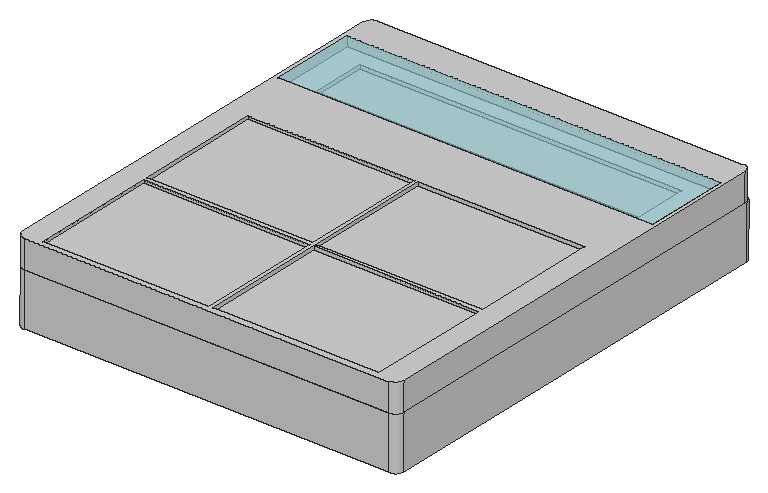
Revit family "Building-IEC309Boards-GEWISS-68QDIN-DISTRIBUTION-BOARD-20MOD_4SOCKET-OUTLETS_IB_ORIZ", category Apparecchi elettrici, host Superficie, Revit 2019
Family settings
  Host = Superficie
  Mantenere orientamento annotazione = Sì
  Quota connettore circolare = Usa diametro
  Tipo di parte = Normale
  Taglio con vuoti quando caricato = No
  Condiviso = No
  Punto di calcolo locali = Sì
Parameters (values of type "GW68014N - Q-DIN 20M 4 FLANGES S.O.BL.HOR.CBF IP65")
  visibilita posizionamento 2d [instance] = yes
  simbolo 2d [instance] = yes
  oggetto in pianta [instance] = not(visibilita posizionamento 2d)  # no
  distanza_simbolo [instance] = 0.1 mm
  bordo acceso [instance] = yes
  Working temperature = "-25 ÷ +40 °C"
  Visibilità sportello [instance] = yes
  Version type = "Empty"
  Version file RFA = "21.5"
  VETRO = Vetro
  URL = "https://www.gewiss.com/ww/en"
  Thermo-pressure with ball = "70 °C"
  Technical sheet = "https://www.gewiss.com/ww/en/search?q=GW68014N"
  Spostamento_effettivo_S [instance] = 4000 mm - Spostamento_S  # 3000 mm
  Spostamento_S = 1000 mm
  Simbolo_quadro [instance] = not(simbolo 2d)  # no
  Shock resistance = "IK08"
  STRUTTURA ALTA = Poche
  STRUTTURA = RAL - 7035
  SEO = "Board"
  Realized by GEWISS S.p.A. = ""
  Default Elevation = 1219.2 mm
  Produttore = "GEWISS S.p.A."
  PRESA = rosso
  POMELLO = bianco
  Operating temperature: = "-25 +40 °C"
  No. of provided blank lids = "2 IB 16/32A"
  No. of modules EN 50022 = "20"
  No. of blank lids supplied = "2 IB 16/32A"
  No. IB socket-outlets houseable = "4 IB Horiz. 16/32A CBF IP44"
  Modello = "GW68014N"
  Insulation class = "II"
  Installation type = "Surface-mounting"
  Immagine tipo = GW68014N.jpg
  IP degree = "IP65"
  IDT = "90d6f30b-0b77-4e9c-bb41-47f43079aa94"
  IDF = "6844e258-d407-403b-8fb6-669cf0bd49dc"
  Houseable socket = "4 IB Horiz. 16/32A CBF IP44"
  Houseable interloc. socket. = "4 IB Horiz. 16/32A CBF IP44"
  Glow Wire Test = "650°C"
  For socket-outlets = "CBF horizontal"
  Electrocod = "2242"
  EAN code = "8011564744837"
  Dispersible power B (W) = "92"
  Dispersible power A (W) = "30"
  Descrizione = "Q-DIN 20M 4 FLANGES S.O.BL.HOR.CBF IP65"
  Colour = "Grey RAL 7035"
  Catalogue Range = "68 QDIN"
  Catalogue = "BUILDING"
  COBie.Tagnumber = ""
  COBie.CreatedOn = ""
  COBie.CreatebBy = ""
  COBie.ComponentRegisterItemID = ""
  COBie.Component.TagNumber = ""
  COBie.Component.Space = ""
  COBie.Component.SerialNumber = ""
  COBie.Component.InstallationDate = ""
  COBie.Component.Description = ""
  COBie.Component.BarCode = ""
  Accordance with Standards = "EN 60208 - EN 60670-1 - IEC 60670-24"
Reference planes
  plane 1 "Centro (Fronte/Retro)": y = 0
  plane 2: z = 0
  plane 3 "Centro (Sinistra/Destra)": x = 0
  plane 4: x = -3000
  plane 5: x = 0
Forms (mm)
  Extrusion 1, solid, detail levels coarse
    sketch origin (0, 0, 0) x (1, 0, 0) y (0, 1, 0)
      loop
        line (-225, 0) -> (225, 0) -> (225, 522) -> (-225, 522) -> (-225, 0)
    from 0 to 96
Lines and regions (mm)
  Masking region 1, visible <- "visibilita posizionamento 2d"
    outline origin (0, 0, 0) x (1, 0, 0) y (0, 0, 1)
      loop
        line (-160, 0) -> (160, 0) -> (160, 96) -> (-160, 96) -> (-160, 0)
Dimensions and locks
  plane 4 to plane 3 "Centro (Sinistra/Destra)" = 3000 mm
  "Spostamento_effettivo_S": plane 4 to plane 5
  aligned and locked: plane 2 to host face
  aligned and locked: level to host face
  aligned and locked: nested 1 to plane 5
  aligned and locked: nested 3 to plane 5
  aligned and locked: nested 2 to plane 5
  aligned and locked: plane 1 "Centro (Fronte/Retro)" to nested 2
  aligned and locked: Extrusion 1 sketch curve to nested 2  (x4)
  aligned and locked: Extrusion 1 to nested 2
Automatic sketch dimensions
  host sketch curve to host sketch curve = 2438.4 mm  (x2)
  Masking region 1 sketch curve to level = 0 mm
  Masking region 1 sketch curve to plane 3 "Centro (Sinistra/Destra)" = 160 mm
  plane 3 "Centro (Sinistra/Destra)" to Masking region 1 sketch curve = 160 mm
  Masking region 1 sketch curve to Masking region 1 sketch curve = 96 mm
Nested families
  nested 1: "CENTRALINO" at (0, 737.795, 0), BORDO ACCESO <- "bordo acceso", SIMBOLO ACCESO <- "simbolo 2d", Distanza dal muro <- "distanza_simbolo", visible <- "simbolo 2d", type "CENTRALINO"
    with SIMBOLO ACCESO yes, Distanza dal muro 0.1 mm, BORDO ACCESO yes
  nested 2: "68QDIN20 QUADRO DISTRIBUZ X 4 PRESE IND ORIZ_base" at (0, 360, 0), Visibilita sportello <- "Visibilità sportello", type "68QDIN20 QUADRO DISTRIBUZ X 4 PRESE IND ORIZ_base", detail levels medium+fine
  nested 3: "simb_CENTRALINO_BASE_cad pro" at (0, 737.795, 0), Distanza dal muro <- "distanza_simbolo", visible <- "Simbolo_quadro", SIMBOLO ACCESO <- "Simbolo_quadro", type "simb_CENTRALINO_BASE_cad pro"
    with SIMBOLO ACCESO no, Distanza dal muro 0.1 mm, BORDO ACCESO yes
Definition of nested family "68QDIN20 QUADRO DISTRIBUZ X 4 PRESE IND ORIZ_base"
  Parameters (values of type "68QDIN20 QUADRO DISTRIBUZ X 4 PRESE IND ORIZ_base")
    n_moduli = 105 mm
    h_moduli = 64 mm
    Visibilita sportello [instance] = yes
    Vetro = none
    Struttura = none
    Spessore = 96 mm
    Default Elevation = 14 mm
    Presa = none
    Larghezza = 450 mm
    IFC.TypeObject = ""
    IFC.ExportType = ""
    IFC.ExportAs = ""
    H_da terra = 589.057 mm
    COBie.CreatedOn = ""
    COBie.CreatebBy = ""
    COBie.ComponentRegisterItemID = ""
    COBie.Component.TagNumber = ""
    COBie.Component.Space = ""
    COBie.Component.SerialNumber = ""
    COBie.Component.InstallationDate = ""
    COBie.Component.Description = ""
    COBie.Component.BarCode = ""
    Altezza scatole = 350 mm
    Altezza quadro = 150 mm
    Altezza = 258 mm
  Reference planes
    plane 1 "Centro (Fronte/Retro)": y = 0
    plane 2: z = 0
    plane 3 "Centro (Sinistra/Destra)": x = 0
    plane 4: z = 69.589
    plane 5: z = 115.626
    plane 6: z = 63
    plane 7: x = -225
    plane 8: x = 225
    plane 9: x = -221
    plane 10: x = 221
    plane 11: y = 123.21
    plane 12: y = 21.246
    plane 13: y = 0
    plane 14: y = -201
    plane 15: y = -51
    plane 16: y = -360
    plane 17: y = 162
    plane 18: z = 58
    plane 19: y = 103
    plane 20: y = 39
    plane 21: x = -52.5
    plane 22: x = 52.5
    plane 23: z = 92.059
    plane 24: z = 96
    plane 25 "posizionamento moduli": z = 84.734
    plane 26: z = 80.558
    plane 27: y = 71
    plane 28: x = -198.2
    plane 29: x = 223.1
    plane 30: x = -2.25
    plane 31: y = -205.115
    plane 32: x = 2
    plane 33: x = 198.1
  Forms (mm)
    Extrusion 1, solid, material <- "Struttura"
      sketch origin (0, -857.311, 0) x (1, 0, 0) y (0, 1, 0)
        loop
          arc (-215, 1019.311) -> (-222.071, 1016.382) -> (-225, 1009.311) r 10
          line (-225, 1009.311) -> (-225, 507.311)
          arc (-225, 507.311) -> (-222.071, 500.24) -> (-215, 497.311) r 10
          line (-215, 497.311) -> (215, 497.311)
          arc (215, 497.311) -> (222.071, 500.24) -> (225, 507.311) r 10
          line (225, 507.311) -> (225, 1009.311)
          arc (225, 1009.311) -> (222.071, 1016.382) -> (215, 1019.311) r 10
          line (215, 1019.311) -> (-215, 1019.311)
      from 63 to 96
    Extrusion 2, solid, material <- "Struttura"
      sketch origin (0, -857.311, 0) x (1, 0, 0) y (0, 1, 0)
        loop
          line (217.45, 1019.311) -> (-221.38, 1019.311)
          arc (-221.38, 1019.311) -> (-223.94, 1018.251) -> (-225, 1015.691) r 3.62
          line (-225, 1015.691) -> (-225, 507.311)
          arc (-225, 507.311) -> (-222.071, 500.24) -> (-215, 497.311) r 10
          line (-215, 497.311) -> (215, 497.311)
          arc (215, 497.311) -> (222.071, 500.24) -> (225, 507.311) r 10
          line (225, 507.311) -> (225, 1011.76)
          arc (225, 1011.76) -> (222.789, 1017.099) -> (217.45, 1019.311) r 7.55
      from 0 to 63
    Extrusion 3, void
      sketch origin (0, -857.311, 0) x (1, 0, 0) y (0, 1, 0)
        loop
          line (-221, 980.52) -> (-221, 878.557) -> (221, 878.557) -> (221, 980.52) -> (-221, 980.52)
      from 69.589 to 96
    Extrusion 4, solid, material <- "Vetro", visible <- "Visibilita sportello", detail levels fine
      sketch origin (0, -857.311, 0) x (1, 0, 0) y (0, 1, 0)
        loop
          line (-221, 980.52) -> (-221, 878.557) -> (221, 878.557) -> (221, 980.52) -> (-221, 980.52)
      from 92.059 to 96
    Extrusion 5, void
      sketch origin (0, 0, 0) x (1, 0, 0) y (0, 1, 0)
        loop
          line (-52.5, 39) -> (52.5, 39) -> (52.5, 103) -> (-52.5, 103) -> (-52.5, 39)
      from 80.558 to 84.734
    Extrusion 6, solid
      sketch origin (0, 0, 0) x (1, 0, 0) y (0, 1, 0)
        loop
          line (-221, 123.21) -> (-221, 21.246) -> (221, 21.246) -> (221, 123.21) -> (-221, 123.21)
      from 80.558 to 84.734
    Extrusion 7, void
      sketch origin (0, 0, 84.734) x (0, -1, 0) y (1, 0, 0)
        loop
          line (51, -198.2) -> (201, -198.2) -> (201, -2.25) -> (51, -2.25) -> (51, -198.2)
        loop
          line (51, 2) -> (201, 2) -> (201, 198.1) -> (51, 198.1) -> (51, 2)
      from 7.325 to 11.266
    Extrusion 8, void
      sketch origin (0, -119.115, 84.734) x (0, -1, 0) y (1, 0, 0)
        loop
          line (86, -198.2) -> (234.832, -198.2) -> (234.832, -2.25) -> (86, -2.25) -> (86, -198.2)
        loop
          line (86, 2) -> (234.832, 2) -> (234.832, 198.1) -> (86, 198.1) -> (86, 2)
      from 7.325 to 11.266
  Cuts and joins
    Extrusion 3, Extrusion 7, Extrusion 8 cuts Extrusion 1
    Extrusion 5 cuts Extrusion 6
    Extrusion 5 cuts Extrusion 4
  Lines and regions (mm)
    model lines
      curve 1: line (-52.5, 71, 84.734) -> (52.5, 71, 84.734)
  Dimensions and locks
    plane 4 to plane 5 = 46.036 mm
    locked: plane 7 to plane 9 at 4
    locked: plane 10 to plane 8 at 4
    equal spacing: plane 7, plane 3 "Centro (Sinistra/Destra)", plane 8
    "Larghezza": plane 7 to plane 8
    plane 13 to plane 15 = 51 mm
    plane 1 "Centro (Fronte/Retro)" to plane 17 = 162 mm
    plane 16 to plane 13 = 360 mm
    plane 12 to plane 1 "Centro (Fronte/Retro)" = 21.246 mm
    plane 11 to plane 17 = 38.79 mm
    locked: plane 6 to plane 18 at 5
    locked: plane 17 to plane 19 at 59
    "h_moduli": plane 19 to plane 20
    equal spacing: plane 21, plane 3 "Centro (Sinistra/Destra)", plane 22
    "n_moduli": plane 21 to plane 22
    locked: plane 24 to plane 23 at 3.941
    plane 6 to plane 2 = 63 mm
    locked: plane 23 to plane 25 "posizionamento moduli" at 7.325
    locked: plane 25 "posizionamento moduli" to plane 26 at 4.176
    equal spacing: plane 19, plane 27, plane 20
    locked: plane 29 to plane 8 at 1.9
    plane 28 to plane 30 = 195.95 mm  (x2)
    plane 15 to plane 14 = 150 mm
    locked: plane 14 to plane 31 at 4.115
    locked: plane 3 "Centro (Sinistra/Destra)" to plane 32 at 2
    plane 16 to plane 17 = 522 mm
    locked: plane 7 to plane 28 at 26.8
    locked: plane 33 to plane 8 at 26.9
    cut or joined group of Extrusion 1, Extrusion 3, Extrusion 7, Extrusion 8 to cut or joined group of Extrusion 1, Extrusion 3, Extrusion 7, Extrusion 8 = 148.832 mm
    radius of Extrusion 2 sketch curve = 10 mm  (x2)
    radius of Extrusion 2 sketch curve = 3.62 mm
    radius of Extrusion 2 sketch curve = 7.55 mm
    radius of Extrusion 1 sketch curve = 10 mm  (x4)
    aligned and locked: level to plane 2
    aligned and locked: cut or joined group of Extrusion 1, Extrusion 3, Extrusion 7, Extrusion 8 to plane 4
    aligned and locked: Extrusion 2 sketch curve to plane 7
    aligned and locked: plane 8 to Extrusion 2 sketch curve
    aligned and locked: plane 8 to Extrusion 1 sketch curve
    aligned and locked: Extrusion 1 sketch curve to plane 7
    aligned and locked: Extrusion 4 sketch curve to plane 9
    aligned and locked: Extrusion 4 sketch curve to plane 10
    aligned and locked: Extrusion 3 sketch curve to plane 9
    aligned and locked: Extrusion 3 sketch curve to plane 10
    aligned and locked: Extrusion 4 sketch curve to plane 11
    aligned and locked: Extrusion 4 sketch curve to plane 12
    aligned and locked: Extrusion 3 sketch curve to plane 11
    aligned and locked: Extrusion 3 sketch curve to plane 12
    aligned and locked: plane 16 to Extrusion 2 sketch curve
    aligned and locked: plane 1 "Centro (Fronte/Retro)" to plane 13
    aligned and locked: plane 17 to Extrusion 1 sketch curve
    aligned and locked: Extrusion 5 sketch curve to plane 21
    aligned and locked: Extrusion 5 sketch curve to plane 19
    aligned and locked: Extrusion 5 sketch curve to plane 20
    aligned and locked: Extrusion 5 sketch curve to plane 22
    aligned and locked: plane 25 "posizionamento moduli" to Extrusion 5
    aligned and locked: Extrusion 5 to plane 26
    aligned and locked: Extrusion 6 sketch curve to plane 11
    aligned and locked: Extrusion 6 sketch curve to plane 12
    aligned and locked: Extrusion 6 to plane 26
    aligned and locked: plane 25 "posizionamento moduli" to Extrusion 6
    aligned and locked: Extrusion 6 sketch curve to Extrusion 4  (x2)
    aligned and locked: plane 27 to curve 1
    aligned and locked: plane 16 to Extrusion 1 sketch curve
    aligned and locked: Extrusion 2 sketch curve to plane 17
    aligned and locked: Extrusion 7 sketch curve to plane 15
    aligned and locked: Extrusion 7 sketch curve to plane 28
    aligned and locked: Extrusion 7 sketch curve to plane 30
    aligned and locked: Extrusion 1 to Extrusion 7
    aligned and locked: Extrusion 7 to plane 23
    aligned and locked: Extrusion 7 sketch curve to plane 14  (x2)
    aligned and locked: plane 32 to Extrusion 7 sketch curve
    aligned and locked: plane 33 to Extrusion 7 sketch curve
    aligned and locked: plane 33 to Extrusion 8 sketch curve
  Automatic sketch dimensions
    curve 1 to plane 21 = 0 mm
    curve 1 to plane 22 = 0 mm
    plane 15 to Extrusion 7 sketch curve = 0 mm
    Extrusion 8 sketch curve to plane 28 = 0 mm
    Extrusion 8 sketch curve to plane 31 = 0 mm  (x2)
    Extrusion 8 sketch curve to plane 32 = 0 mm
    Extrusion 8 sketch curve to plane 30 = 0 mm
    Extrusion 8 sketch curve to plane 16 = 6.053 mm  (x2)
Definition of nested family "CENTRALINO"
  Parameters (values of type "CENTRALINO")
    SIMBOLO ACCESO [instance] = yes
    Distanza dal muro [instance] = 0 mm
    BORDO ACCESO [instance] = yes
  Reference planes
    plane 1: y = 0
    plane 2: x = 0
  Dimensions and locks
    "Distanza dal muro": plane 1 to nested 1
    aligned and locked: plane 2 to nested 1
  Nested families
    nested 1: "CENTRALINO_BASE" at (0, 0, 0), BORDO ACCESO <- "BORDO ACCESO", visible <- "SIMBOLO ACCESO", type "CENTRALINO"
      with BORDO ACCESO yes
  Definition of nested family "CENTRALINO_BASE"
    Parameters (values of type "CENTRALINO")
      Distanza dal muro = 0 mm
      BORDO ACCESO [instance] = yes
    Reference planes
      plane 1: y = 0
      plane 2: x = 0
    Lines and regions (mm)
      detail lines, visible <- "BORDO ACCESO", not visible
        curve 1: line (-2.443, 10.208, 0) -> (2.057, 10.208, 0)
        curve 2: line (2.057, 10.208, 0) -> (2.057, 4.208, 0)
        curve 3: line (2.057, 4.208, 0) -> (-2.443, 4.208, 0)
        curve 4: line (-2.443, 4.208, 0) -> (-2.443, 10.208, 0)
        curve 5: line (-2.043, 9.808, 0) -> (1.657, 9.808, 0)
        curve 6: line (1.657, 9.808, 0) -> (1.657, 4.608, 0)
        curve 7: line (1.657, 4.608, 0) -> (-2.043, 4.608, 0)
        curve 8: line (-2.043, 4.608, 0) -> (-2.043, 9.808, 0)
      detail lines
        curve 9: line (0, 0.671, 0) -> (0, 0, 0)
        curve 10: line (0.659, 0.671, 0) -> (0.659, 1.33, 0)
        curve 11: line (0.659, 1.33, 0) -> (-0.659, 1.33, 0)
        curve 12: line (-0.659, 1.33, 0) -> (-0.659, 0.671, 0)
        curve 13: line (-0.659, 0.671, 0) -> (0.659, 0.671, 0)
        curve 14: line (0.497, 1.33, 0) -> (0.497, 2, 0)
        curve 15: line (0.167, 1.33, 0) -> (0.167, 2, 0)
        curve 16: line (-0.162, 1.33, 0) -> (-0.162, 2, 0)
        curve 17: line (-0.491, 1.33, 0) -> (-0.491, 2, 0)
Definition of nested family "simb_CENTRALINO_BASE_cad pro"
  Parameters (values of type "simb_CENTRALINO_BASE_cad pro")
    SIMBOLO ACCESO [instance] = yes
    Distanza dal muro [instance] = 0 mm
    BORDO ACCESO [instance] = yes
  Reference planes
    plane 1: y = 0
    plane 2: x = 0
  Dimensions and locks
    "Distanza dal muro": plane 1 to nested 1
    aligned and locked: plane 2 to nested 1
  Nested families
    nested 1: "CENTRALINO_BASE_cad pro" at (0, 0, 0), type "CENTRALINO"
  Definition of nested family "CENTRALINO_BASE_cad pro"
    Parameters (values of type "CENTRALINO")
      Distanza dal muro = 0 mm
    Reference planes
      plane 1: y = 0
      plane 2: x = 0
    Lines and regions (mm)
      detail lines
        curve 1: line (1.33, 1.33, 0) -> (2.109, 1.33, 0)
        curve 2: line (2.109, 1.33, 0) -> (2.109, 0, 0)
        curve 3: line (2.109, 0, 0) -> (1.33, 0, 0)
        curve 4: line (1.33, 0, 0) -> (-1.33, 1.33, 0)
        curve 5: line (-1.33, 1.33, 0) -> (1.33, 1.33, 0)
        curve 6: line (1.33, 1.33, 0) -> (1.33, 0, 0)
        curve 7: line (1.33, 0, 0) -> (-1.33, 0, 0)
        curve 8: line (-1.33, 0, 0) -> (-1.33, 1.33, 0)
        curve 9: line (1.461, 0.665, 0) -> (1.977, 0.665, 0)
        curve 10: line (1.719, 0.665, 0) -> (1.719, 1.01, 0)
        curve 11: arc (1.977, 0.406, 0) -> (1.719, 0.665, 0) -> (1.461, 0.406, 0) r 0.258
